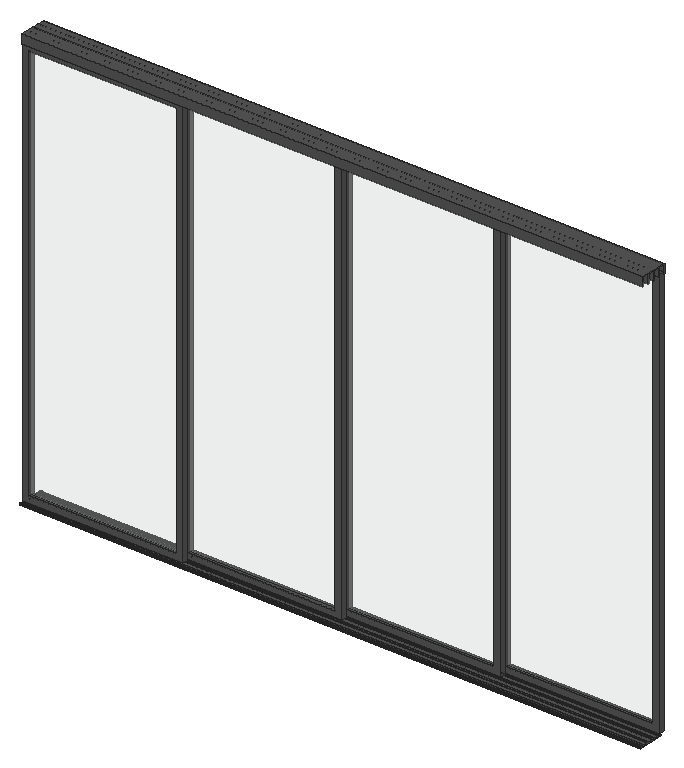
Revit family "Door_FTS RD_The Sliding Door Company_1.5F 4-Panel Quad Track (Recessed Bottom)", category Doors, host Wall, Revit 2019 (continued)
Automatic sketch dimensions
  plane 6 to Extrusion 39 sketch curve = 1 1/2"
  plane 29 to Extrusion 39 sketch curve = 0"
  plane 8 to Extrusion 39 sketch curve = 1 1/8"
  plane 30 "4" to Extrusion 39 sketch curve = 1"
  plane 28 to Extrusion 40 sketch curve = 0"
  plane 6 to Extrusion 40 sketch curve = 1 1/2"
  plane 8 to Extrusion 40 sketch curve = 1 1/8"
  plane 30 "4" to Extrusion 40 sketch curve = 1"
  Extrusion 41 sketch curve to Extrusion 41 sketch curve = 0"  (x18)
  Extrusion 41 sketch curve to level = 3/8"  (x4)
  Extrusion 41 sketch curve to level = 0.1034"
  host wall to Extrusion 41 sketch curve = 0.72977"
  Extrusion 41 sketch curve to Extrusion 41 sketch curve = 0.01985"  (x3)
  Extrusion 41 sketch curve to Extrusion 41 sketch curve = 0.03284"  (x4)
  Extrusion 41 sketch curve to Extrusion 41 sketch curve = 0.03107"  (x11)
  Extrusion 41 sketch curve to Extrusion 41 sketch curve = 0.0373"
  Extrusion 41 sketch curve to Extrusion 41 sketch curve = 0.05716"  (x11)
  Extrusion 41 sketch curve to Extrusion 41 sketch curve = 0.07246"  (x5)
  Extrusion 41 sketch curve to Extrusion 41 sketch curve = 0.05956"  (x8)
  Extrusion 41 sketch curve to Extrusion 41 sketch curve = 0.04963"  (x8)
  Extrusion 41 sketch curve to host wall = 0.05932"
  Extrusion 41 sketch curve to level = 0.31549"  (x8)
  Extrusion 41 sketch curve to Extrusion 41 sketch curve = 0.7804"  (x2)
  Extrusion 41 sketch curve to level = 0.08714"  (x2)
  Extrusion 41 sketch curve to Extrusion 41 sketch curve = 0.37719"  (x2)
  host wall to Extrusion 41 sketch curve = 0.44717"
  Extrusion 41 sketch curve to host wall = 0.01825"
  Extrusion 41 sketch curve to level = 0.31544"
  Extrusion 41 sketch curve to level = 0.22549"
  Extrusion 41 sketch curve to level = 0.26535"
  Extrusion 41 sketch curve to Extrusion 41 sketch curve = 0.01299"
  Extrusion 41 sketch curve to Extrusion 41 sketch curve = 0.0501"  (x4)
  Extrusion 41 sketch curve to Extrusion 41 sketch curve = 0.00005"  (x4)
  Extrusion 41 sketch curve to Extrusion 41 sketch curve = 0.03182"  (x2)
  Extrusion 41 sketch curve to Extrusion 41 sketch curve = 0.03986"  (x3)
  Extrusion 41 sketch curve to Extrusion 41 sketch curve = 0.09532"  (x2)
  Extrusion 41 sketch curve to Extrusion 41 sketch curve = 0.05547"  (x2)
  Extrusion 41 sketch curve to Extrusion 41 sketch curve = 0.06662"
  Extrusion 41 sketch curve to Extrusion 41 sketch curve = 0.08276"  (x2)
  Extrusion 41 sketch curve to Extrusion 41 sketch curve = 0.00012"  (x4)
  Extrusion 41 sketch curve to Extrusion 41 sketch curve = 0.03266"  (x2)
  Extrusion 41 sketch curve to Extrusion 41 sketch curve = 0.24475"
  Extrusion 41 sketch curve to Extrusion 41 sketch curve = 0.09928"  (x2)
  Extrusion 41 sketch curve to Extrusion 41 sketch curve = 0.03876"  (x2)
  Extrusion 41 sketch curve to Extrusion 41 sketch curve = 0.03877"  (x2)
  Extrusion 41 sketch curve to Extrusion 41 sketch curve = 0.05866"  (x3)
